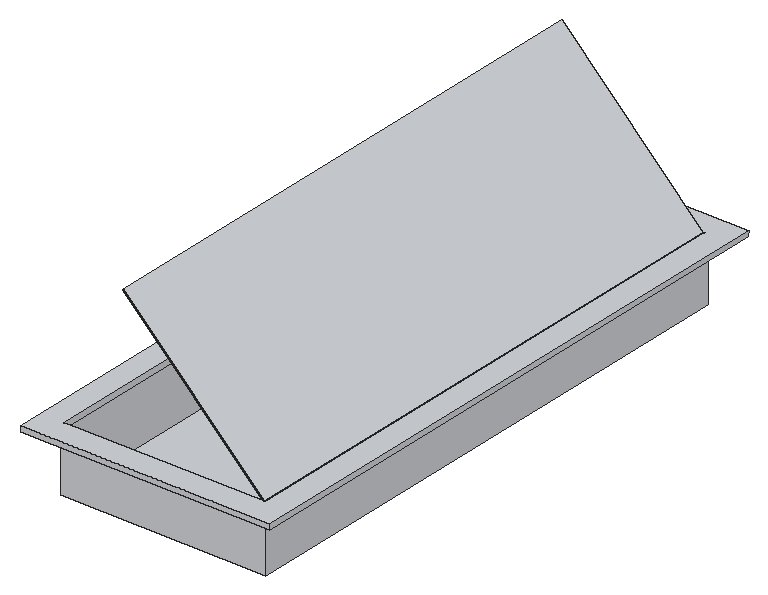
Revit family "Hager-Volta-IP30-Flush_mounted-leer-AT-de", category Electrical Equipment, host Face, Revit 2020
Family settings
  Host = Face
  Panel Configuration = Two Columns, Circuits Across
  Round Connector Dimension = Use Diameter
  Part Type = Panelboard
  Cut with Voids When Loaded = No
  Shared = No
  Room Calculation Point = No
Parameters (values of type "Unterputz IP30 B348 H880.5 T98 12 Teilungseinheiten - VU60WWH")
  Width Control [instance] = if([HG000006 - Unterputz], if([EF000846 - Einbaubreite] > min_whd, [EF000846 - Einbaubreite], min_whd), if([EF000008 - Breite] > min_whd, ([EF000008 - Breite]), min_whd))  # 314 mm
  Void Depth [instance] = if([HG000006 - Unterputz], Depth Control, 1 mm)  # 89 mm
  Type Comments = [HG000003 - Bereich]  # "Volta"
  System Height [instance] = Height Control - 2 * [HG000005 - Dicke]  # 839 mm
  Model = [HG000004 - Herstellerreferenz]  # "VU60WWH"
  HG000017 - Distanz zwischen den Polen = 18 mm
  HG000016 - 3D-Türsichtbarkeit [instance] = yes
  HG000015 - Sichtbarkeit der Türöffnung [instance] = no
  HG000014 - Tür rechts [instance] = yes
  HG000013 - Tür links [instance] = not([HG000014 - Tür rechts])  # no
  HG000012 - Türschwenkwinkel [instance] = 45.00°
  HG000011 - Leere Reihen von unten = no
  HG000010 - Asymmetrische Türen = no
  HG000009 - Doppelflügeligen Tür = no
  HG000008 - Anzahl der leeren Reihen = 0
  HG000007 - Anzahl der leeren Spalten = 0
  HG000006 - Unterputz = yes
  HG000005 - Dicke = 3 mm  # constant formula
  HG000004 - Herstellerreferenz = "VU60WWH"
  HG000003 - Bereich = "Volta"
  HG000002 - Mit tür = yes
  HG000001 - Anzahl der Spalten = 0
  EF015941 - Signaldurchlassende Tür = yes
  EF015777 - Neutralleiterklemmenblock = no
  EF015776 - Erdungsklemmenblock = no
  EF009212 - Ausführung Deckel = "EV009916 - mit Ausschnitt"
  EF006306 - Mit Schloss = no
  EF006244 - Transparenter Deckel/Tür = no
  EF005474 - Schutzart (IP) = "EV006410 - IP30"
  EF004462 - Art der Schließung = "EV000154 - sonstige"
  EF002950 - Breite in Teilungseinheiten = 12
  EF001596 - Werkstoff des Gehäuses = "EV000154 - sonstige"
  EF001134 - DIN-Schiene = yes
  EF001131 - Innentiefe = 92 mm
  EF001088 - Anbaumöglichkeit = yes
  EF001062 - EMV-Ausführung = no
  EF000846 - Einbaubreite = 314 mm
  EF000339 - Art der Abdeckung = "EV004216 - Tür"
  EF000332 - Einbauhöhe = 845 mm
  EF000266 - Anzahl der Reihen = 0
  EF000218 - Einbautiefe = 89 mm
  EF000118 - Mit Montageplatte = yes
  EF000116 - RAL-Nummer = "9010"
  EF000049 - Tiefe = 98 mm
  EF000040 - Höhe = 880 mm
  EF000008 - Breite = 348 mm
  EF000007 - Farbe = "EV000202 - weiß"
  EF000003 - Montageart = "EV000383 - Unterputz"
  Arrow Offset [instance] = Depth Control / 8  # 11.125 mm
  Arrow Height [instance] = Depth Control - Arrow Offset  # 77.875 mm
  Host Offset [instance] = if([HG000006 - Unterputz], 0 mm, [EF000049 - Tiefe])  # 0 mm
  min_whd [instance] = (2 * [HG000005 - Dicke]) + 1 mm  # 7 mm
  Manufacturer = "Hager"  # constant formula
  Height Control [instance] = if([HG000006 - Unterputz], if([EF000332 - Einbauhöhe] > min_whd, [EF000332 - Einbauhöhe], min_whd), if([EF000040 - Höhe] > min_whd, ([EF000040 - Höhe]), min_whd))  # 845 mm
  Flush Mounted - Door Frame Width [instance] = if(([EF000040 - Höhe] - [EF000332 - Einbauhöhe]) > 0 mm, if([HG000006 - Unterputz], [EF000040 - Höhe] - [EF000332 - Einbauhöhe], 0 mm), 0 mm)  # 35 mm
  Depth Control [instance] = if([HG000006 - Unterputz], if([EF000218 - Einbautiefe] > 0 mm, [EF000218 - Einbautiefe], 1 mm), if([EF000049 - Tiefe] > 0 mm, ([EF000049 - Tiefe]), 1 mm))  # 89 mm
  Default Elevation = 0 mm
Types (15, lengths in mm): name | Width Control | Void Depth | System Height | Model | HG000004 - Herstellerreferenz | HG000002 - Mit tür | EF015941 - Signaldurchlassende Tür | EF009212 - Ausführung Deckel | EF005474 - Schutzart (IP) | EF004462 - Art der Schließung | EF001596 - Werkstoff des Gehäuses | EF001134 - DIN-Schiene | EF001062 - EMV-Ausführung | EF000846 - Einbaubreite | EF000339 - Art der Abdeckung | EF000332 - Einbauhöhe | EF000266 - Anzahl der Reihen | EF000218 - Einbautiefe | EF000118 - Mit Montageplatte | EF000116 - RAL-Nummer | EF000049 - Tiefe | EF000040 - Höhe | EF000008 - Breite | EF000007 - Farbe | Arrow Offset | Arrow Height | Height Control | Flush Mounted - Door Frame Width | Depth Control
  Unterputz  B330 H355 T94.5 12 Teilungseinheiten - VU12NK | 335 | 90 | 340 | "VU12NK" | "VU12NK" | no | no | "EV000116 - geschlossen" | "" | "" | "EV000139 - Kunststoff" | no | yes | 335 | "" | 346 | 1 | 90 | no | "7035" | 94 | 355 | 330 | "EV000270 - grau" | 11.25 | 78.75 | 346 | 9 | 90
  Unterputz  B330 H484 T94.5 12 Teilungseinheiten - VU24NK | 335 | 90 | 465 | "VU24NK" | "VU24NK" | no | no | "EV000116 - geschlossen" | "" | "" | "EV000139 - Kunststoff" | no | yes | 335 | "" | 471 | 2 | 90 | no | "7035" | 94 | 484 | 330 | "EV000270 - grau" | 11.25 | 78.75 | 471 | 13 | 90
  Unterputz  B330 H609 T94.5 12 Teilungseinheiten - VU36NK | 335 | 90 | 590 | "VU36NK" | "VU36NK" | no | no | "EV000116 - geschlossen" | "" | "" | "EV000139 - Kunststoff" | no | yes | 335 | "" | 596 | 3 | 90 | no | "7035" | 94 | 609 | 330 | "EV000270 - grau" | 11.25 | 78.75 | 596 | 13 | 90
  Unterputz  B330 H734 T94.5 12 Teilungseinheiten - VU48NK | 335 | 90 | 715 | "VU48NK" | "VU48NK" | no | no | "EV000116 - geschlossen" | "" | "" | "EV000139 - Kunststoff" | no | yes | 335 | "" | 721 | 4 | 90 | no | "7035" | 94 | 734 | 330 | "EV000270 - grau" | 11.25 | 78.75 | 721 | 13 | 90
  Unterputz  B348 H880 T94.5 12 Teilungseinheiten - VU60NK | 335 | 90 | 840 | "VU60NK" | "VU60NK" | no | no | "EV000116 - geschlossen" | "" | "" | "EV000139 - Kunststoff" | no | yes | 335 | "" | 846 | 5 | 90 | no | "7035" | 94 | 880 | 348 | "EV000270 - grau" | 11.25 | 78.75 | 846 | 34 | 90
  Unterputz IP30 B348 H505.5 T98 12 Teilungseinheiten - VU24NWB | 314 | 89 | 464 | "VU24NWB" | "VU24NWB" | yes | no | "EV009916 - mit Ausschnitt" | "EV006410 - IP30" | "EV000154 - sonstige" | "EV000154 - sonstige" | yes | no | 314 | "EV004216 - Tür" | 470 | 0 | 89 | yes | "9010" | 98 | 506 | 348 | "EV000202 - weiß" | 11.125 | 77.875 | 470 | 36 | 89
  Unterputz IP30 B348 H630.5 T98 12 Teilungseinheiten - VU36NW | 314 | 89 | 589 | "VU36NW" | "VU36NW" | yes | no | "EV009916 - mit Ausschnitt" | "EV006410 - IP30" | "EV000154 - sonstige" | "EV000154 - sonstige" | yes | no | 314 | "EV004216 - Tür" | 595 | 0 | 89 | yes | "9010" | 98 | 630 | 348 | "EV000202 - weiß" | 11.125 | 77.875 | 595 | 35 | 89
  Unterputz IP30 B348 H630.5 T98 12 Teilungseinheiten - VU36NWB | 314 | 89 | 589 | "VU36NWB" | "VU36NWB" | yes | no | "EV009916 - mit Ausschnitt" | "EV006410 - IP30" | "EV000154 - sonstige" | "EV000154 - sonstige" | yes | no | 314 | "EV004216 - Tür" | 595 | 0 | 89 | yes | "9010" | 98 | 630 | 348 | "EV000202 - weiß" | 11.125 | 77.875 | 595 | 35 | 89
  Unterputz IP30 B348 H630.5 T98 12 Teilungseinheiten - VU36WWH | 314 | 89 | 589 | "VU36WWH" | "VU36WWH" | yes | yes | "EV009916 - mit Ausschnitt" | "EV006410 - IP30" | "EV000154 - sonstige" | "EV000154 - sonstige" | yes | no | 314 | "EV004216 - Tür" | 595 | 0 | 89 | yes | "9010" | 98 | 630 | 348 | "EV000202 - weiß" | 11.125 | 77.875 | 595 | 35 | 89
  Unterputz IP30 B348 H755.5 T98 12 Teilungseinheiten - VU48NW | 314 | 89 | 714 | "VU48NW" | "VU48NW" | yes | no | "EV009916 - mit Ausschnitt" | "EV006410 - IP30" | "EV000154 - sonstige" | "EV000154 - sonstige" | yes | no | 314 | "EV004216 - Tür" | 720 | 0 | 89 | yes | "9010" | 98 | 756 | 348 | "EV000202 - weiß" | 11.125 | 77.875 | 720 | 36 | 89
  Unterputz IP30 B348 H755.5 T98 12 Teilungseinheiten - VU48NWB | 314 | 89 | 714 | "VU48NWB" | "VU48NWB" | yes | no | "EV009916 - mit Ausschnitt" | "EV006410 - IP30" | "EV000154 - sonstige" | "EV000154 - sonstige" | yes | no | 314 | "EV004216 - Tür" | 720 | 0 | 89 | yes | "9010" | 98 | 756 | 348 | "EV000202 - weiß" | 11.125 | 77.875 | 720 | 36 | 89
  Unterputz IP30 B348 H755.5 T98 12 Teilungseinheiten - VU48WWH | 314 | 89 | 714 | "VU48WWH" | "VU48WWH" | yes | yes | "EV009916 - mit Ausschnitt" | "EV006410 - IP30" | "EV000154 - sonstige" | "EV000154 - sonstige" | yes | no | 314 | "EV004216 - Tür" | 720 | 0 | 89 | yes | "9010" | 98 | 756 | 348 | "EV000202 - weiß" | 11.125 | 77.875 | 720 | 36 | 89
  Unterputz IP30 B348 H880.5 T98 12 Teilungseinheiten - VU60NW | 314 | 89 | 839 | "VU60NW" | "VU60NW" | yes | no | "EV009916 - mit Ausschnitt" | "EV006410 - IP30" | "EV000154 - sonstige" | "EV000154 - sonstige" | yes | no | 314 | "EV004216 - Tür" | 845 | 0 | 89 | yes | "9010" | 98 | 880 | 348 | "EV000202 - weiß" | 11.125 | 77.875 | 845 | 35 | 89
  Unterputz IP30 B348 H880.5 T98 12 Teilungseinheiten - VU60NWB | 314 | 89 | 839 | "VU60NWB" | "VU60NWB" | yes | no | "EV009916 - mit Ausschnitt" | "EV006410 - IP30" | "EV000154 - sonstige" | "EV000154 - sonstige" | yes | no | 314 | "EV004216 - Tür" | 845 | 0 | 89 | yes | "9010" | 98 | 880 | 348 | "EV000202 - weiß" | 11.125 | 77.875 | 845 | 35 | 89
  Unterputz IP30 B348 H880.5 T98 12 Teilungseinheiten - VU60WWH | 314 | 89 | 839 | "VU60WWH" | "VU60WWH" | yes | yes | "EV009916 - mit Ausschnitt" | "EV006410 - IP30" | "EV000154 - sonstige" | "EV000154 - sonstige" | yes | no | 314 | "EV004216 - Tür" | 845 | 0 | 89 | yes | "9010" | 98 | 880 | 348 | "EV000202 - weiß" | 11.125 | 77.875 | 845 | 35 | 89
Reference planes
  plane 1 "Center (Front/Back)": y = 0
  plane 2: z = 0
  plane 3 "Center (Left/Right)": x = 0
  plane 4: z = 0
  plane 5: y = 38
  plane 6: z = -5
  plane 7: y = 457.5
  plane 8: y = 35
  plane 9: y = 880
  plane 10: z = -89
  plane 11: x = -157
  plane 12: x = 157
  plane 13: x = 154
  plane 14: x = -154
  plane 15: y = 877
  plane 16: z = -86
  plane 17: z = -3
  plane 18: z = -89
  plane 19: z = -3
Forms (mm)
  Extrusion 1, solid
    sketch origin (-583.045, 35, 1219.2) x (-1, 0, 0) y (0, 0, 1)
      loop
        line (-426.045, -1219.2) -> (-740.045, -1219.2) -> (-740.045, -1308.2) -> (-426.045, -1308.2) -> (-426.045, -1219.2)
    from 0 to 845 <- "Height Control"
  Extrusion 2, void
    sketch origin (-381.607, -4572, 0) x (0, -1, 0) y (-1, 0, 0)
      loop
        line (-5449, -227.607) -> (-5449, -535.607) -> (-4610, -535.607) -> (-4610, -227.607) -> (-5449, -227.607)
    from 0 to 86
  Extrusion 3, void
    sketch origin (0, 0, 0) x (1, 0, 0) y (0, 1, 0)
      loop
        line (-157, 35) -> (157, 35) -> (157, 880) -> (-157, 880) -> (-157, 35)
    from -89 to 1
  Extrusion 4, solid, detail levels coarse+medium
    sketch origin (-381.607, -4572, 0) x (-1, 0, 0) y (0, -1, 0)
      loop
        line (-227.607, -5449) -> (-227.607, -4610) -> (-535.607, -4610) -> (-535.607, -5449) -> (-227.607, -5449)
    from 0 to -3
Cuts and joins
  Extrusion 2 cuts Extrusion 1
Dimensions and locks
  plane 4 to plane 6 = 5 mm
  "Host Offset": plane 4 to host face
  "Flush Mounted - Door Frame Width": plane 1 "Center (Front/Back)" to plane 8
  "HG000005 - Dicke": plane 5 to plane 8
  locked: connector elem to plane 3 "Center (Left/Right)"
  "Height Control": plane 9 to plane 8
  equal spacing: plane 9, plane 7, plane 8
  locked: connector elem to plane 7
  "Depth Control": plane 4 to plane 10
  "HG000005 - Dicke": plane 11 to plane 14
  "HG000005 - Dicke": plane 12 to plane 13
  equal spacing: plane 11, plane 3 "Center (Left/Right)", plane 12
  "Width Control": plane 11 to plane 12
  "Arrow Offset": nested 4 to plane 10
  "HG000005 - Dicke": plane 9 to plane 15
  "HG000005 - Dicke": plane 16 to plane 10
  "HG000005 - Dicke": plane 4 to plane 17
  "Void Depth": plane 2 to plane 18
  "HG000005 - Dicke": plane 4 to plane 19
  aligned and locked: plane 2 to host face
  aligned and locked: level to host face
  aligned and locked: plane 3 "Center (Left/Right)" to nested 2
  aligned and locked: plane 4 to nested 2
  aligned and locked: nested 2 to plane 8
  aligned and locked: nested 1 to plane 6
  aligned and locked: plane 5 to nested 1
  aligned and locked: nested 4 to plane 11
  aligned and locked: nested 3 to plane 4
  aligned and locked: Extrusion 1 sketch curve to plane 12
  aligned and locked: Extrusion 1 sketch curve to plane 11
  aligned and locked: nested 3 to plane 10
  aligned and locked: plane 10 to Extrusion 1 sketch curve
  aligned and locked: plane 5 to Extrusion 2 sketch curve
  aligned and locked: Extrusion 2 sketch curve to plane 15
  aligned and locked: Extrusion 2 sketch curve to plane 14
  aligned and locked: Extrusion 2 sketch curve to plane 13
  aligned and locked: plane 11 to Extrusion 3 sketch curve
  aligned and locked: plane 9 to Extrusion 3 sketch curve
  aligned and locked: Extrusion 3 sketch curve to plane 8
  aligned and locked: plane 12 to Extrusion 3 sketch curve
  aligned and locked: nested 3 to plane 12
  aligned and locked: Extrusion 3 to plane 18
  aligned and locked: Extrusion 2 to plane 16
  aligned and locked: Extrusion 1 sketch curve to plane 4
  aligned and locked: Extrusion 4 to plane 17
  aligned and locked: Extrusion 4 sketch curve to plane 15
  aligned and locked: Extrusion 4 sketch curve to plane 13
  aligned and locked: Extrusion 4 sketch curve to plane 14
  aligned and locked: plane 5 to Extrusion 4 sketch curve
Automatic sketch dimensions
  host sketch curve to host sketch curve = 1469.727 mm
  host sketch curve to host sketch curve = 1434.803 mm
Nested families
  nested 1: "Hager_Enclosure_System" at (0, 38, -5) x (1, 0, 0) z (0, 1, 0), Depth <- "HG000005 - Dicke", Height <- "System Height", Width <- "EF000008 - Breite", Border <- "HG000005 - Dicke", Flush_Mounted <- "HG000006 - Unterputz", Built-in_Width <- "EF000846 - Einbaubreite", Row_Module_Multiplicator <- "EF002950 - Breite in Teilungseinheiten", Total_No_Empty_Rows <- "HG000008 - Anzahl der leeren Reihen", Total_No_Rows <- "EF000266 - Anzahl der Reihen", Empty_Columns <- "HG000007 - Anzahl der leeren Spalten", Width_Control <- "Width Control", Empty_Rows_From_Bottom <- "HG000011 - Leere Reihen von unten", Distance_Between_Poles <- "HG000017 - Distanz zwischen den Polen", Rows_Count <- "EF000266 - Anzahl der Reihen", Columns_Count <- "HG000001 - Anzahl der Spalten", type "Hager_Enclosure_System", detail levels fine
    with Width_Control 314 mm, Width 348 mm, Total_No_Rows 0, Total_No_Empty_Rows 0, Total_No_Columns 1, System_Width 308 mm, Rows_Count 0, Rows_Column 0, Row_Module_Multiplicator 12, Panel_4 no, Panel_3 no, Panel_2 no, Panel_1 no, No_Panels_Ctrl 1, Hide_Columns yes, Height 839 mm, Flush_Mounted yes, Empty_Rows_From_Bottom no, Empty_Rows_Column 0, Empty_Columns 0, Distance_Between_Poles 18 mm, Depth 3 mm, Columns_Count 0, Column_Width 308 mm, Built-in_Width 314 mm, Border 3 mm
  nested 2: "Hager_Enclosure_Door" at (0, 35, 0) x (1, 0, 0) z (0, 1, 0), Border <- "HG000005 - Dicke", Door_Right <- "HG000014 - Tür rechts", Flush_Mounted <- "HG000006 - Unterputz", Depth <- "EF000049 - Tiefe", Width <- "EF000008 - Breite", Door_Left <- "HG000013 - Tür links", 3d_Door <- "HG000016 - 3D-Türsichtbarkeit", BuiltIn_Width <- "EF000846 - Einbaubreite", BuiltIn_Height <- "EF000332 - Einbauhöhe", BuiltIn_Depth <- "EF000218 - Einbautiefe", Angle <- "HG000012 - Türschwenkwinkel", Assymetrical <- "HG000010 - Asymmetrische Türen", Double <- "HG000009 - Doppelflügeligen Tür", Clearance <- "HG000015 - Sichtbarkeit der Türöffnung", Transparent <- "EF006244 - Transparenter Deckel/Tür", Door <- "HG000002 - Mit tür", Height_Ctrl <- "Height Control", Width_Ctrl <- "Width Control", Height <- "EF000040 - Höhe", type "Hager_Enclosure_Door", detail levels medium+fine
    with min_wh 7 mm, Width_Ctrl 314 mm, Width 348 mm, Transparent_Door_No_Bottom_Border no, Transparent no, Leaf_Width 305 mm, Leaf_Tolerance 1.5 mm, Leaf_Height 836 mm, Leaf_2_Width 305 mm, Leaf_2_Offset 152.5 mm, Leaf_1_Width 305 mm, Leaf_1_Offset 152.5 mm, Height_Ctrl 845 mm, Height 880 mm, Frame_Width_Ctrl 34 mm, Frame_Width 34 mm, Frame_Internal_Offset 3 mm, Frame_Height_Ctrl 35 mm, Frame_Height 35 mm, Frame_Depth_Ctrl 9 mm, Frame_Depth 9 mm, Flush_Mounted yes, Double_Clearance_Ctrl no, Double no, Door_Right_Ctrl yes, Door_Right yes, Door_Left_Ctrl no, Door_Left no, Door yes, Depth 98 mm, Clearance_Depth 305 mm, Clearance_Ctrl no, Clearance no, BuiltIn_Width 314 mm, BuiltIn_Height 845 mm, BuiltIn_Depth 89 mm, Border 3 mm, Assymetrical no, Angle 45.00°, 3d_Door yes
  nested 3: "Hager_Enclosure_Symbol_Triangle" at (-157, 0, -89) x (1, 0, 0) z (0, -1, 0), Depth <- "Depth Control", Width <- "Width Control", type "Hager_Enclosure_Symbol_Triangle"
    with Width_Ctrl 314 mm, Width 314 mm, Depth_Ctrl 89 mm, Depth 89 mm
  nested 4: "Hager_Enclosure_Symbol_Arrow" at (-157, 0, -77.875) x (1, 0, 0) z (0, -1, 0), Height <- "Arrow Height", type "Hager_Enclosure_Symbol_Arrow"
    with Width_Inside 5.841 mm, Width 70.087 mm, Height_Ctrl 77.875 mm, Height 77.875 mm
Connectors
  electrical at (0, 457.5, -89)
    settings: on plane 10, index 1, voltage 0 V, apparent load 0 VA, apparent load phase1 0 VA, apparent load phase2 0 VA, apparent load phase3 0 VA, power factor 1, load classification "Other", number of poles 1, system type 30, power factor state 1, is connector primary yes, connector utility no, sub classification motor no, connector description ""
Definition of nested family "Hager_Enclosure_Door"
  Parameters (values of type "Hager_Enclosure_Door")
    min_wh [instance] = (2 * Border) + 1 mm  # 11 mm
    Width_Ctrl [instance] = 400 mm
    Width [instance] = 500 mm
    Transparent_Door_No_Bottom_Border [instance] = no
    Transparent [instance] = yes
    Leaf_Width [instance] = if((Width_Ctrl - 2 * Border - 2 * Leaf_Tolerance) > 0 mm, (Width_Ctrl - 2 * Border - 2 * Leaf_Tolerance), min_wh)  # 387 mm
    Leaf_Tolerance [instance] = 1.5 mm  # constant formula
    Leaf_Height [instance] = if((Height_Ctrl - 2 * Border - 2 * Leaf_Tolerance) > 0 mm, (Height_Ctrl - 2 * Border - 2 * Leaf_Tolerance), min_wh)  # 387 mm
    Leaf_2_Width [instance] = if(and(and(Double, Assymetrical), Door_Left), (Leaf_Width / 3) - (Leaf_Tolerance / 2), if(and(and(Double, Assymetrical), Door_Right), (Leaf_Width / 3) * 2 - (Leaf_Tolerance / 2), if(and(Double, not(Assymetrical)), (Leaf_Width / 2) - Leaf_Tolerance, Leaf_Width)))  # 387 mm
    Leaf_2_Offset [instance] = if(and(Double, Assymetrical), Leaf_2_Width / 2, if(and(Double, not(Assymetrical)), Leaf_Width / 4, Leaf_Width / 2))  # 193.5 mm
    Leaf_1_Width [instance] = if(and(and(Double, Assymetrical), Door_Right), (Leaf_Width / 3) - (Leaf_Tolerance / 2), if(and(and(Double, Assymetrical), Door_Left), (Width / 3) * 2 - (Leaf_Tolerance / 2), if(and(Double, not(Assymetrical)), (Leaf_Width / 2) - Leaf_Tolerance, Leaf_Width)))  # 387 mm
    Leaf_1_Offset [instance] = if(and(Double, Assymetrical), Leaf_1_Width / 2, if(and(Double, not(Assymetrical)), Leaf_Width / 4, Leaf_Width / 2))  # 193.5 mm
    Height_Ctrl [instance] = 400 mm
    Height [instance] = 500 mm
    Frame_Width_Ctrl [instance] = if(Frame_Width > 0 mm, Frame_Width, 1 mm)  # 1 mm
    Frame_Width [instance] = Width - BuiltIn_Width  # 0 mm
    Frame_Internal_Offset [instance] = if(Flush_Mounted, Border, 0 mm)  # 5 mm
    Frame_Height_Ctrl [instance] = if(Frame_Height > 0 mm, Frame_Height, 1 mm)  # 1 mm
    Frame_Height [instance] = Height - BuiltIn_Height  # 0 mm
    Frame_Depth_Ctrl [instance] = if(Frame_Depth > 0 mm, Frame_Depth, 1 mm)  # 1 mm
    Frame_Depth [instance] = if(Depth - BuiltIn_Depth > 0 mm, if(Flush_Mounted, Depth - BuiltIn_Depth, 0 mm), 0 mm)  # 0 mm
    Flush_Mounted [instance] = yes
    Double_Clearance_Ctrl [instance] = and(Double, Clearance)  # no
    Double [instance] = no
    Door_Right_Ctrl [instance] = and(or(Door_Right, Double), Door)  # yes
    Door_Right [instance] = yes
    Door_Left_Ctrl [instance] = and(or(Door_Left, Double), Door)  # no
    Door_Left [instance] = no
    Door [instance] = yes
    Depth [instance] = 500 mm
    Default Elevation = 1219.2 mm
    Clearance_Material = none
    Clearance_Depth [instance] = if(Leaf_1_Width > Leaf_2_Width, Leaf_1_Width, Leaf_2_Width)  # 387 mm
    Clearance_Ctrl [instance] = and(not(Double), Clearance)  # yes
    Clearance [instance] = yes
    BuiltIn_Width [instance] = 500 mm
    BuiltIn_Height [instance] = 500 mm
    BuiltIn_Depth [instance] = 500 mm
    Border [instance] = 5 mm
    Assymetrical [instance] = yes
    Angle [instance] = 30.00°
    3d_Door [instance] = yes
  Reference planes
    plane 1 "Center (Front/Back)": y = 0
    plane 2 "Bottom": z = 0
    plane 3 "Center (Left/Right)": x = 0
    plane 4: z = 400
    plane 5: x = -200
    plane 6: x = 200
    plane 7: z = 395
    plane 8: x = -195
    plane 9: z = 5
    plane 10: x = 195
    plane 11: y = 0
    plane 12: z = 6.5
    plane 13: x = -582
    plane 14: y = -387
    plane 15: x = 582
    plane 16: x = 0
    plane 17: x = 0
    plane 18: x = -193.5
    plane 19: x = 193.5
    plane 20: z = 393.5
  Forms (mm)
    Extrusion 1, solid, visible <- "Flush_Mounted"
      sketch origin (0, 0, 0) x (1, 0, 0) y (0, 0, 1)
        loop
          line (195, 5) -> (195, 395) -> (-195, 395) -> (-195, 5) -> (195, 5)
        loop
          line (-201, 401) -> (-201, -1) -> (201, -1) -> (201, 401) -> (-201, 401)
      from 0 to 1 <- "Frame_Depth_Ctrl"
    Extrusion 2, solid, material <- "Clearance_Material", visible <- "Double_Clearance_Ctrl"
      sketch origin (1200, 0, 0) x (1, 0, 0) y (0, 0, -1)
        loop
          line (-1782, -393.5) -> (-618, -393.5) -> (-618, 0) -> (-1782, 0) -> (-1782, -393.5)
      from 0 to -387
  Dimensions and locks
    equal spacing: plane 5, plane 3 "Center (Left/Right)", plane 6
    "Width_Ctrl": plane 5 to plane 6
    "Border": plane 5 to plane 8
    "Border": plane 6 to plane 10
    "Border": plane 9 to level
    "Border": plane 4 to plane 7
    "Height_Ctrl": plane 4 to level
    "Leaf_Tolerance": plane 12 to plane 9
    "Frame_Depth": plane 11 to plane 1 "Center (Front/Back)"
    "Frame_Width_Ctrl": plane 5 to Extrusion 1 sketch curve
    "Frame_Width_Ctrl": plane 6 to Extrusion 1 sketch curve
    "Frame_Width_Ctrl": Extrusion 1 sketch curve to plane 4
    "Frame_Width_Ctrl": plane 2 "Bottom" to Extrusion 1 sketch curve
    "Leaf_1_Offset": plane 18 to plane 16
    "Leaf_2_Offset": plane 17 to plane 19
    "Leaf_1_Width": plane 13 to plane 8
    "Leaf_2_Width": plane 10 to plane 15
    "Clearance_Depth": plane 14 to plane 1 "Center (Front/Back)"
    "Leaf_Tolerance": plane 8 to plane 18
    "Leaf_Tolerance": plane 19 to plane 10
    "Leaf_Tolerance": plane 7 to plane 20
    "Frame_Internal_Offset": plane 5 to Extrusion 1 sketch curve
    "Frame_Internal_Offset": Extrusion 1 sketch curve to plane 2 "Bottom"
    "Frame_Internal_Offset": plane 6 to Extrusion 1 sketch curve
    "Frame_Internal_Offset": plane 4 to Extrusion 1 sketch curve
    aligned and locked: level to plane 2 "Bottom"
    aligned and locked: nested 1 to plane 16
    aligned and locked: nested 2 to plane 17
    aligned and locked: Extrusion 2 to plane 13
    aligned and locked: plane 15 to Extrusion 2
    aligned and locked: Extrusion 2 to plane 14
    aligned and locked: plane 12 to nested 1
    aligned and locked: nested 2 to plane 12
    aligned and locked: Extrusion 2 to plane 11
    aligned and locked: plane 20 to Extrusion 2
    aligned and locked: nested 2 to plane 11
    aligned and locked: nested 1 to plane 11
  Automatic sketch dimensions
    Extrusion 2 sketch curve to level = 0 mm
    plane 5 to Extrusion 2 sketch curve = 382 mm
    plane 6 to Extrusion 2 sketch curve = 382 mm
    Extrusion 2 sketch curve to plane 4 = 6.5 mm
  Nested families
    nested 1: "Hager_Enclosure_Door_Leaf" at (0, 0, 6.5), Width <- "Leaf_1_Width", visible <- "Door_Left_Ctrl", Leaf_Height <- "Leaf_Height", Angle <- "Angle", Depth <- "Border", 3d_Door <- "3d_Door", Transparent <- "Transparent", Clearance Material <- "Clearance_Material", Clearance <- "Clearance_Ctrl", Transparent_Door_No_Bottom_Border <- "Transparent_Door_No_Bottom_Border", type "Hager_Enclosure_Door_Leaf"
      with Width 387 mm, Transparent_Door_No_Bottom_Border no, Transparent_Door_Border_Bottom_Top 25 mm, Transparent_Door_Border 25 mm, Transparent_Ctrl yes, Transparent yes, Standard no, Leaf_Height 387 mm, Glass_Offset 1 mm, Depth 5 mm, Clearance Material none, Clearance yes, Angle_Ctrl 30.00°, Angle 30.00°, 3d_Door yes
    nested 2: "Hager_Enclosure_Door_Leaf" at (0, 0, 6.5) x (-1, 0, 0) z (0, 0, 1), Width <- "Leaf_2_Width", visible <- "Door_Right_Ctrl", Leaf_Height <- "Leaf_Height", Angle <- "Angle", Depth <- "Border", 3d_Door <- "3d_Door", Transparent <- "Transparent", Clearance Material <- "Clearance_Material", Clearance <- "Clearance_Ctrl", Transparent_Door_No_Bottom_Border <- "Transparent_Door_No_Bottom_Border", type "Hager_Enclosure_Door_Leaf"
      with Width 387 mm, Transparent_Door_No_Bottom_Border no, Transparent_Door_Border_Bottom_Top 25 mm, Transparent_Door_Border 25 mm, Transparent_Ctrl yes, Transparent yes, Standard no, Leaf_Height 387 mm, Glass_Offset 1 mm, Depth 5 mm, Clearance Material none, Clearance yes, Angle_Ctrl 30.00°, Angle 30.00°, 3d_Door yes
  Definition of nested family "Hager_Enclosure_Door_Leaf"
    Parameters (values of type "Hager_Enclosure_Door_Leaf")
      Width [instance] = 2000 mm
      Transparent_Door_No_Bottom_Border [instance] = yes
      Transparent_Door_Border_Bottom_Top [instance] = if(Transparent_Door_No_Bottom_Border, 0.1 mm, Transparent_Door_Border)  # 0.1 mm
      Transparent_Door_Border [instance] = if(Transparent_Door_No_Bottom_Border, (Width * 0.12), 25 mm)  # 240 mm
      Transparent_Ctrl [instance] = and(Transparent, [3d_Door])  # yes
      Transparent [instance] = yes
      Standard [instance] = and(not(Transparent), [3d_Door])  # no
      Leaf_Height [instance] = 2720.336 mm
      Glass_Offset [instance] = if((Depth - 10 mm) / 2 > 0 mm, (Depth - 10 mm) / 2, 1 mm)  # 15 mm
      Glass_Material = none
      Depth [instance] = 40 mm
      Default Elevation = 0 mm
      Clearance Material [instance] = none
      Clearance [instance] = yes
      Angle_Ctrl [instance] = if(Angle > 170.00°, 170.00°, Angle)  # 45.00°
      Angle [instance] = 45.00°
      3d_Door [instance] = yes
    Reference planes
      plane 1 "Center (Front/Back)": y = 0
      plane 2: z = 0
      plane 3 "Center (Left/Right)": x = 0
      plane 4: y = 2000
      plane 5: x = -1000
      plane 6: x = 1000
      plane 7: x = -3000
      plane 8: z = 2720.336
      plane 9: z = 0.1
      plane 10: z = 2720.236
      plane 11: x = 760
      plane 12: x = -760
    Forms (mm)
      Extrusion 1, solid, material <- "Clearance Material", visible <- "Clearance"
        sketch origin (0, 0, 0) x (1, 0, 0) y (0, 0, 1)
          loop
            line (-3000, 2720.336) -> (-3000, 0) -> (1000, 0) -> (1000, 2720.336) -> (-3000, 2720.336)
        from 0 to -2000
      Extrusion 2, solid, visible <- "Standard", detail levels medium+fine
        sketch origin (-1000, 0, 0) x (0.707107, 0.707107, 0) y (-0.707107, 0.707107, 0)
          loop
            line (0, -40) -> (2000, -40) -> (2000, 0) -> (0, 0) -> (0, -40)
        from 0 to 2720.336 <- "Leaf_Height"
      Extrusion 3, solid, visible <- "Transparent_Ctrl", detail levels medium+fine
        sketch origin (-1000, 0, 0) x (0.707107, 0.707107, 0) y (-0.707107, 0.707107, 0)
          loop
            line (0, -40) -> (2000, -40) -> (2000, 0) -> (0, 0) -> (0, -40)
        from 0 to 2720.336 <- "Leaf_Height"
      Extrusion 4, void, detail levels medium+fine
        sketch origin (-1000, 0, 0) x (-0.707107, 0.707107, 0) y (0.707107, 0.707107, 0)
          loop
            line (0, 240) -> (0, 1760) -> (-40, 1760) -> (-40, 240) -> (0, 240)
        from -2720.236 to -0.1
      Extrusion 5, solid, material <- "Glass_Material", visible <- "Transparent_Ctrl", detail levels medium+fine
        sketch origin (-1000, 0, 0) x (0.707107, 0.707107, 0) y (-0.707107, 0.707107, 0)
          loop
            line (240, -15) -> (240, -25) -> (1760, -25) -> (1760, -15) -> (240, -15)
        from 0.1 to 2720.236
    Cuts and joins
      Extrusion 4 cuts Extrusion 3
    Lines and regions (mm)
      symbolic lines
        curve 1: line (1000, 0, 0) -> (-3000, 0, 0)
        curve 2: arc (1000, 0, 0) -> (-1000, 2000, 0) -> (-3000, 0, 0) r 2000
        curve 4: line (-1000, 0, 0) -> (414.214, 1414.214, 0)
      reference lines
        curve 3: line (-1000, 0, 0) -> (414.214, 1414.214, 0)
      symbolic lines, detail levels medium+fine
        curve 5: line (414.214, 1414.214, 0) -> (442.498, 1385.929, 0)
        curve 6: line (442.498, 1385.929, 0) -> (-971.716, -28.284, 0)
        curve 7: line (-971.716, -28.284, 0) -> (-1000, 0, 0)
        curve 8: line (-1000, 0, 2720.336) -> (1000, 0, 2720.336)
        curve 9: line (-1000, 0, 0) -> (-1000, 0, 2720.336)
        curve 10: line (1000, 0, 0) -> (-1000, 0, 0)
        curve 11: line (1000, 0, 2720.336) -> (1000, 0, 0)
      symbolic lines, visible <- "Transparent_Ctrl", detail levels medium+fine
        curve 12: line (-760, 0, 2720.236) -> (760, 0, 2720.236)
        curve 13: line (-760, 0, 0.1) -> (-760, 0, 2720.236)
        curve 14: line (760, 0, 0.1) -> (-760, 0, 0.1)
        curve 15: line (760, 0, 2720.236) -> (760, 0, 0.1)
    Dimensions and locks
      "Width": plane 1 "Center (Front/Back)" to plane 4
      equal spacing: plane 5, plane 3 "Center (Left/Right)", plane 6
      "Width": plane 5 to plane 6
      "Width": plane 7 to plane 5
      "Leaf_Height": plane 8 to level
      "Depth": curve 6 to curve 3
      "Width": curve 5 to curve 3
      "Width": curve 3 to curve 3
      "Transparent_Door_Border": Extrusion 4 sketch curve to curve 7
      "Transparent_Door_Border": Extrusion 4 sketch curve to curve 5
      "Transparent_Door_Border_Bottom_Top": plane 8 to plane 10
      "Transparent_Door_Border_Bottom_Top": plane 9 to level
      "Glass_Offset": Extrusion 5 sketch curve to curve 4
      "Glass_Offset": Extrusion 5 sketch curve to curve 6
      "Transparent_Door_Border": Extrusion 5 sketch curve to curve 5
      "Transparent_Door_Border": Extrusion 5 sketch curve to curve 7
      "Transparent_Door_Border": plane 12 to plane 5
      "Transparent_Door_Border": plane 6 to plane 11
      "Angle_Ctrl": angle plane 1 "Center (Front/Back)" to curve 3
      aligned and locked: level to plane 2
      aligned and locked: Extrusion 1 to curve 1
      aligned and locked: plane 6 to Extrusion 1
      aligned and locked: Extrusion 1 to plane 1 "Center (Front/Back)"
      aligned and locked: plane 4 to Extrusion 1
      aligned and locked: plane 8 to Extrusion 1
      aligned and locked: curve 4 to curve 3
      aligned and locked: Extrusion 2 sketch curve to curve 7
      aligned and locked: Extrusion 2 sketch curve to curve 6
      aligned and locked: Extrusion 2 sketch curve to curve 5
      aligned and locked: Extrusion 2 sketch curve to curve 3
      aligned and locked: curve 7 to Extrusion 3 sketch curve
      aligned and locked: Extrusion 3 sketch curve to curve 4
      aligned and locked: Extrusion 3 sketch curve to curve 6
      aligned and locked: Extrusion 3 sketch curve to curve 5
      aligned and locked: curve 4 to Extrusion 4 sketch curve
      aligned and locked: curve 6 to Extrusion 4 sketch curve
      aligned and locked: Extrusion 4 to plane 9
      aligned and locked: Extrusion 4 to plane 10
      aligned and locked: Extrusion 5 to plane 9
      aligned and locked: Extrusion 5 to plane 10
      aligned and locked: curve 8 to plane 8
      aligned and locked: plane 5 to curve 9
      aligned and locked: plane 2 to curve 10
      aligned and locked: curve 11 to plane 6
      aligned and locked: plane 10 to curve 12
      aligned and locked: plane 12 to curve 13
      aligned and locked: curve 14 to plane 9
      aligned and locked: plane 11 to curve 15
    Automatic sketch dimensions
      plane 1 "Center (Front/Back)" to curve 2 = 0 mm
      curve 2 to plane 5 = 0 mm
      Extrusion 1 sketch curve to level = 0 mm
      Extrusion 1 sketch curve to plane 7 = 0 mm
      Extrusion 1 sketch curve to plane 6 = 0 mm
      Extrusion 1 sketch curve to plane 8 = 0 mm
      plane 1 "Center (Front/Back)" to curve 3 = 0 mm
      curve 3 to plane 5 = 0 mm
      curve 7 to curve 3 = 0 mm
Definition of nested family "Hager_Enclosure_Symbol_Triangle"
  Parameters (values of type "Hager_Enclosure_Symbol_Triangle")
    Width_Ctrl [instance] = if(Width > 1 mm, Width, 1 mm)  # 498 mm
    Width [instance] = 498 mm
    Depth_Ctrl [instance] = if(Depth > 1 mm, Depth, 1 mm)  # 72 mm
    Depth [instance] = 72 mm
  Reference planes
    plane 1 "Centre (avant/arrière)": y = 0
    plane 2: z = 0
    plane 3 "Centre (gauche/droite)": x = 0
  Lines and regions (mm)
    Filled region 1, type "Solid_Black", in view "Niveau de réf."
      outline origin (0, 0, 0) x (1, 0, 0) y (0, 1, 0)
        loop
          line (0, 0) -> (498, 0) -> (498, 72) -> (0, 0)
    reference lines, in view "Niveau de réf."
      curve 1: line (-206.153, 72, 0) -> (1083.258, 72, 0)
      curve 2: line (498, 405.456, 0) -> (498, -517.619, 0)
  Dimensions and locks
    "Depth_Ctrl": plane 1 "Centre (avant/arrière)" to curve 1
    "Width_Ctrl": plane 3 "Centre (gauche/droite)" to curve 2
    aligned and locked: curve 1 to Filled region 1 sketch curve
    aligned and locked: Filled region 1 sketch curve to plane 1 "Centre (avant/arrière)"
    aligned and locked: curve 2 to Filled region 1 sketch curve
    aligned and locked: plane 3 "Centre (gauche/droite)" to Filled region 1 sketch curve
    aligned and locked: plane 1 "Centre (avant/arrière)" to Filled region 1 sketch curve
  Automatic sketch dimensions
    curve 1 to plane 3 "Centre (gauche/droite)" = 206.153 mm
    curve 2 to curve 1 = 585.258 mm
    plane 1 "Centre (avant/arrière)" to curve 2 = 517.619 mm
    curve 2 to plane 1 "Centre (avant/arrière)" = 405.456 mm
Definition of nested family "Hager_Enclosure_Symbol_Arrow"
  Parameters (values of type "Hager_Enclosure_Symbol_Arrow")
    Width_Inside [instance] = if(Width / 12 > 2 mm, Width / 12, 2 mm)  # 4.987 mm
    Width [instance] = if(Height_Ctrl * 0.9 > 2 mm, Height_Ctrl * 0.9, 2 mm)  # 59.85 mm
    Height_Ctrl [instance] = if(Height > 2 mm, Height, 2 mm)  # 66.5 mm
    Height [instance] = 66.5 mm
  Reference planes
    plane 1 "Centre (avant/arrière)": y = 0
    plane 2: z = 0
    plane 3 "Centre (gauche/droite)": x = 0
    plane 4: x = 59.85
    plane 5: y = 28.263
    plane 6: y = 38.238
    plane 7: y = 66.5
    plane 8: x = 29.925
    plane 9: y = 33.25
  Lines and regions (mm)
    Filled region 1, type "Solid_Black", in view "Niveau de réf."
      outline origin (0, 0, 0) x (1, 0, 0) y (0, 1, 0)
        loop
          line (59.85, 66.5) -> (37.929, 52.827) -> (51.846, 41.935) -> (59.85, 66.5)
    detail lines, in view "Niveau de réf."
      curve 1: line (0, 0, 0) -> (29.925, 38.238, 0)
      curve 2: line (29.925, 38.238, 0) -> (29.925, 28.263, 0)
      curve 3: line (29.925, 28.263, 0) -> (59.85, 66.5, 0)
  Dimensions and locks
    "Width": plane 3 "Centre (gauche/droite)" to plane 4
    "Height_Ctrl": plane 7 to plane 1 "Centre (avant/arrière)"
    equal spacing: plane 3 "Centre (gauche/droite)", plane 8, plane 4
    equal spacing: plane 7, plane 9, plane 1 "Centre (avant/arrière)"
    equal spacing: plane 6, plane 9, plane 5
    "Width_Inside": plane 6 to plane 9
    equal spacing: curve 3, Filled region 1 sketch curve, Filled region 1 sketch curve
    angle Filled region 1 sketch curve to curve 3 = 20.00°
    angle curve 3 to Filled region 1 sketch curve = 20.00°
    locked: curve 3 to Filled region 1 sketch curve (angle 90.00°)
  Automatic sketch dimensions
    plane 1 "Centre (avant/arrière)" to curve 1 = 0 mm
    curve 1 to plane 3 "Centre (gauche/droite)" = 0 mm
    curve 2 to plane 6 = 0 mm
    curve 3 to plane 8 = 0 mm
    curve 3 to plane 4 = 0 mm
    curve 2 to plane 5 = 0 mm
    curve 3 to plane 7 = 0 mm
    Filled region 1 sketch curve to plane 4 = 0 mm
    Filled region 1 sketch curve to plane 7 = 0 mm
